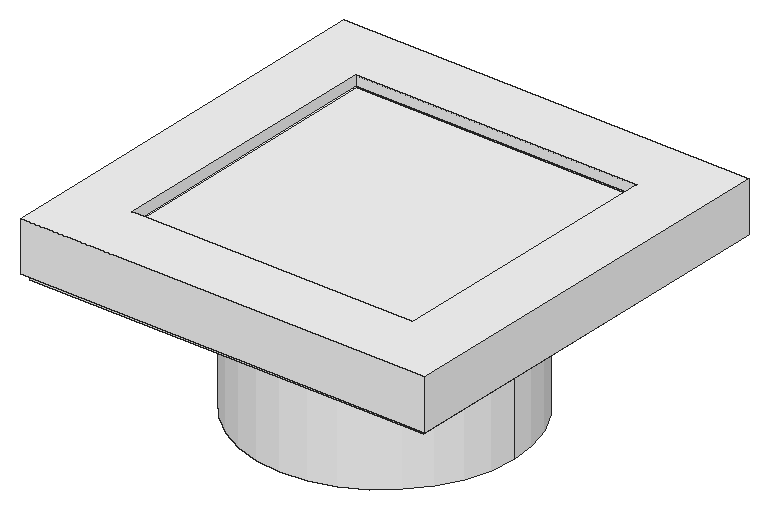
Revit family "Gira_291103", category Electrical Fixtures, host Face, Revit 2017
Family settings
  Host = Face
  Maintain Annotation Orientation = Yes
  Round Connector Dimension = Use Diameter
  Part Type = Normal
  Cut with Voids When Loaded = No
  Shared = No
  Room Calculation Point = No
Parameters (values of type "Sw-off btn System 55 p.white")
  White [instance] = White
  URL = "http://katalog.gira.de/en/datenblatt.html?artikelnr=291103"
  Suitable for bus connection = "2-wire"
  Suitable for = "Call"
  Name = "Sw-off btn System 55 p.white"
  Model = "Sys55_Komplettgerät_Schalten und Tasten"
  Manufacturer URL = "https://www.gira.de/"
  Manufacturer = "Gira"
  HeinzeBIM = "https://bimportal.heinze.de/bim/sw-off-btn-system-55-p-white/fc8e2a9a70b1a4b7ec980a0c2c116c29a329a81e"
  HAN = "291103"
  GTIN = "4010337062349"
  Description = "Sw-off btn Sys55 PW,Switch-off button,System 55,pure white glossy,Features:,- Calls are switched off using the green switch-off button."
  Default Elevation = 1219.2 mm
  Data sheet (1) = "https://katalog.gira.de/en/download.html?artikelnr=291103"
  Construction = "Wall model"
  Colour push button = "Green"
  Category = "Call-/control unit clinic-installation"
  Button function = "Quit call"
  BIM (1) = "https://media.stage.bim.site/public/gira/36a6b08/Sys55_Komplettgerät_Schalten und Tasten.rfa?public/gira/36a6b08/Sys55_Komplettgerät_Schalten und Tasten.rfa"
  Available = "No"
Reference planes
  plane 1 "Center (Front/Back)": y = 0
  plane 2: z = 0
  plane 3 "Center (Left/Right)": x = 0
Forms (mm)
  Extrusion 1, solid, material "White" <- "White", detail levels medium
    sketch origin (0, 0, 0) x (1, 0, 0) y (0, 1, 0)
      loop
        line (-40.4, 40.4) -> (-40.4, -40.4) -> (40.4, -40.4) -> (40.4, 40.4) -> (-40.4, 40.4)
      loop
        line (-28, 28) -> (-28, -28) -> (28, -28) -> (28, 28) -> (-28, 28)
    from 0 to 10
  Extrusion 2, solid, material "White" <- "White", detail levels fine
    sketch origin (0, 0, 0) x (1, 0, 0) y (0, 1, 0)
      loop
        line (-40.4, 40.4) -> (-40.4, -40.4) -> (40.4, -40.4) -> (40.4, 40.4) -> (-40.4, 40.4)
      loop
        line (-28, 28) -> (-28, -28) -> (28, -28) -> (28, 28) -> (-28, 28)
    from 0 to 10
  Extrusion 3, void
    sketch origin (0, 0, 0) x (1, 0, 0) y (0, 1, 0)
      loop
        line (-38.4, 38.4) -> (-38.4, -38.4) -> (38.4, -38.4) -> (38.4, 38.4) -> (-38.4, 38.4)
    from 0 to 8
  Extrusion 4, solid, material "White" <- "White", detail levels medium+fine
    sketch origin (0, 0, 0) x (1, 0, 0) y (0, 1, 0)
      loop
        line (-39.4, 39.4) -> (-39.4, -39.4) -> (39.4, -39.4) -> (39.4, 39.4) -> (-39.4, 39.4)
    from 0 to -1
  Extrusion 5, solid, material "White" <- "White", detail levels medium+fine
    sketch origin (0, 0, 0) x (1, 0, 0) y (0, 1, 0)
      loop
        line (-35.5, 35.5) -> (-35.5, -35.5) -> (35.5, -35.5) -> (35.5, 35.5) -> (-35.5, 35.5)
    from -2 to -3
  Extrusion 6, solid, material "White" <- "White", detail levels medium+fine
    sketch origin (0, 0, 0) x (1, 0, 0) y (0, 1, 0)
      loop
        circle (0, 0) r 26
    from 0 to -27.5
  Extrusion 7, solid, material "White" <- "White", detail levels coarse
    sketch origin (0, 0, 0) x (1, 0, 0) y (0, 1, 0)
      loop
        line (-40.4, 40.4) -> (-40.4, -40.4) -> (40.4, -40.4) -> (40.4, 40.4) -> (-40.4, 40.4)
    from -27.5 to 10
Cuts and joins
  Extrusion 3 cuts Extrusion 2
Dimensions and locks
  aligned and locked: plane 2 to host face
  aligned and locked: level to host face
  aligned and locked: plane 3 "Center (Left/Right)" to nested 2
  aligned and locked: plane 1 "Center (Front/Back)" to nested 2
Nested families
  nested 1: "Sys55_Abdeckung_Schalten und Tasten_floor_base" at (0, 0, 0), type "Sys55_Abdeckung_Schalten und Tasten_floor_base"
  nested 2: "Schalter" at (0, 0, 0), type "Schalter"
Connectors
  electrical at (0, 0, -27.5)
    settings: on Extrusion 6, index 1, voltage 220 V, apparent load 0 VA, apparent load phase1 0 VA, apparent load phase2 0 VA, apparent load phase3 0 VA, power factor 1, load classification "Other", number of poles 1, system type 30, power factor state 1, is connector primary yes, connector utility no, sub classification motor no, connector description ""
Definition of nested family "Sys55_Abdeckung_Schalten und Tasten_floor_base"
  Parameters
    Default Elevation = 1219.2 mm
    White [instance] = none
  Reference planes
    plane 1 "Center (Front/Back)": y = 0
    plane 2: z = 0
    plane 3 "Center (Left/Right)": x = 0
  Forms (mm)
    Extrusion 1, solid
      sketch origin (0, 0, 0) x (1, 0, 0) y (0, 1, 0)
        loop
          line (-1219.2, 1219.2) -> (-1219.2, -1219.2) -> (1219.2, -1219.2) -> (1219.2, 1219.2) -> (-1219.2, 1219.2)
      from 0 to -304.8
    Extrusion 2, solid, material <- "White", detail levels fine
      sketch origin (0, 0, 0) x (1, 0, 0) y (0, 1, 0)
        loop
          line (-27.5, 27.5) -> (-27.5, -27.5) -> (27.5, -27.5) -> (27.5, 27.5) -> (-27.5, 27.5)
      from 0 to 8
    Extrusion 3, void
      sketch origin (0, 0, 0) x (1, 0, 0) y (0, 1, 0)
        loop
          line (26, 26) -> (-26, 26) -> (-26, -26) -> (26, -26) -> (26, 26)
      from 0 to 6
    Extrusion 4, solid, material <- "White", detail levels medium
      sketch origin (0, 0, 0) x (1, 0, 0) y (0, 1, 0)
        loop
          line (-27.5, 27.5) -> (-27.5, -27.5) -> (27.5, -27.5) -> (27.5, 27.5) -> (-27.5, 27.5)
      from 0 to 8
    Extrusion 5, solid, material <- "White", detail levels medium
      sketch origin (0, 0, 0) x (1, 0, 0) y (0, 1, 0)
        loop
          line (11, -17.5) -> (11, 17.5) -> (-11, 17.5) -> (-11, -17.5) -> (11, -17.5)
      from -6 to 6
    Extrusion 6, solid, material <- "White", detail levels fine
      sketch origin (0, 0, 0) x (1, 0, 0) y (0, 1, 0)
        loop
          line (11, 17.5) -> (-11, 17.5) -> (-11, 16.5) -> (11, 16.5) -> (11, 17.5)
        loop
          line (-11, -16.5) -> (-11, -17.5) -> (11, -17.5) -> (11, -16.5) -> (-11, -16.5)
      from -4 to 6
    Extrusion 7, solid, material <- "White", detail levels fine
      sketch origin (0, 0, 0) x (1, 0, 0) y (0, 1, 0)
        loop
          arc (5, 9.347) -> (0, 10.6) -> (-5, 9.347) r 10.6
          line (-5, 9.347) -> (-5, -9.347)
          arc (-5, -9.347) -> (0, -10.6) -> (5, -9.347) r 10.6
          line (5, -9.347) -> (5, 9.347)
      from -6 to 6
    Extrusion 8, solid, material <- "White", detail levels coarse
      sketch origin (0, 0, 0) x (1, 0, 0) y (0, 1, 0)
        loop
          line (-27.5, 27.5) -> (-27.5, -27.5) -> (27.5, -27.5) -> (27.5, 27.5) -> (-27.5, 27.5)
      from -6 to 8
  Cuts and joins
    Extrusion 3 cuts Extrusion 2
  Dimensions and locks
    aligned and locked: plane 2 to Extrusion 1
    aligned and locked: level to Extrusion 1
Definition of nested family "Schalter"
  Reference planes
    plane 1: y = 0
    plane 2: x = 0
  Lines and regions (mm)
    detail lines
      curve 1: circle (1.375, 2.778, 0) r 0.8 normal (0, 0, 1)
      curve 2: line (1.021, 2.061, 0) -> (0, 0, 0)
      curve 3: line (0, 0, 0) -> (-0.538, 0.266, 0)
  Dimensions and locks
    curve 2 to curve 2 = 2.3 mm
    curve 3 to curve 2 = 0.6 mm
    radius of curve 1 = 0.8 mm
